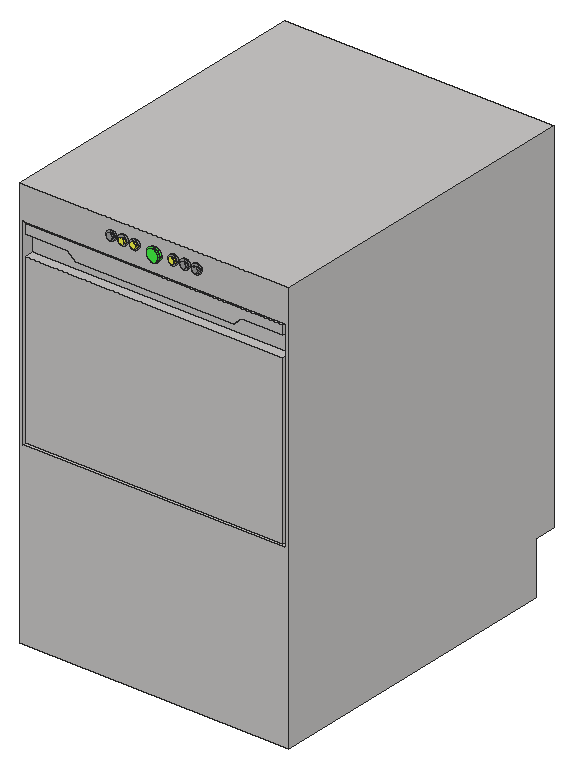
Revit family "QF_ELECTROLUXPROFESSIONAL_402215_ESIC", category Specialty Equipment, Revit 2018
Family settings
  Round Connector Dimension = Use Diameter
  Part Type = Normal
  Work Plane-Based = No
  Always vertical = Yes
  Cut with Voids When Loaded = No
  Shared = No
  Room Calculation Point = No
Parameters
  Weight = 37.00 kg
  Watts = 0 W
  Volts = 0 V
  URL Manufacturer = ""
  URL = "http://professional.electrolux.com/"
  Steam Supply Size = 0 mm
  Steam Supply Minimum Pressure = 0.0 Pa
  Steam Supply Maximum Pressure = 0.0 Pa
  Steam Pounds per Hour = 0
  Show Logo [instance] = yes
  Show Clearance [instance] = yes
  Refrigeration Suction Line Size = 0 mm
  Refrigeration Liquid Line Size = 0 mm
  Refrigerant Compressor Remote = yes
  Manufacturer = ""
  Phase = 0
  Model = ""
  Length Actual = 460 mm  # constant formula
  Item Number = ""
  Hot Water Size = 0 mm
  Height Actual = 715 mm  # constant formula
  HP = "4.4 HP"
  Gas Size = 0 mm
  Gas KW = 0
  Gas Input Pressure = 0 W
  Direct Waste Size = 22 mm
  Description = ""
  Depth Actual = 565 mm  # constant formula
  Cycle = 0 Hz
  Condensate Return Size = 0 mm
  Compressed Air Volume = 0.0 L/s
  Compressed Air Size = 0 mm
  Compressed Air Pressure = 0.0 Pa
  Cold Water Size = 0 mm
  Accessory = yes
Types (2, lengths in mm): name | Volts | URL Manufacturer | URL | Manufacturer | Phase | Model | Item Number | Description | Cycle | Cold Water Size
  (no name) | 0 V | "" | "http://professional.electrolux.com/" | "" | 0 | "" | "" | "" | 0 Hz | 0
  Standard | 200 V | "http://professional.electrolux.com" | "http://professional.electrolux.com" | "Electrolux Professional" | 1 | "ESIC" | "402215" | "GLASSWASHER(S) DOUBLE SKIN, COLD RINSE, 30B/H" | 50 Hz | 19.05
Reference planes
  plane 1 "Center (Front/Back)": y = 0
  plane 2: z = 0
  plane 3 "Center (Left/Right)": x = 0
  plane 4 "LEFT": x = -230
  plane 5 "RIGHT": x = 230
  plane 6 "FRONT": y = -282.5
  plane 7 "BACK": y = 282.5
  plane 8: x = -202.5
  plane 9: x = 202.5
  plane 10: z = 715
  plane 11: z = 10
Forms (mm)
  Extrusion 1, solid, material "QF_Finishes_Stainless Steel"
    sketch origin (0, 0, 0) x (1, 0, 0) y (0, 1, 0)
      loop
        line (-230, -282.5) -> (230, -282.5) -> (230, 243.5) -> (-230, 243.5) -> (-230, -282.5)
    from 10 to 715
  Extrusion 2, solid, material "QF_Finishes_Stainless Steel"
    sketch origin (0, 0, 0) x (1, 0, 0) y (0, 1, 0)
      loop
        line (-230, 243.5) -> (230, 243.5) -> (230, 282.5) -> (-230, 282.5) -> (-230, 243.5)
    from 100 to 715
  Extrusion 3, solid, material "QF_Finishes_Stainless Steel"
    sketch origin (0, 0, 0) x (1, 0, 0) y (0, 1, 0)
      loop
        circle (-202.5, 184.5) r 12.5
      loop
        circle (202.5, 184.5) r 12.5
      loop
        circle (-202.5, -235.5) r 12.5
      loop
        circle (202.5, -235.5) r 12.5
    from 0 to 10
  Extrusion 4, void
    sketch origin (-230, -282.5, 0) x (-1, 0, 0) y (0, 0, 1)
      loop
        line (-5, 658.217) -> (-455, 658.217) -> (-455, 315) -> (-5, 315) -> (-5, 658.217)
    from 0 to 30
  Extrusion 5, solid, material "QF_Finishes_Stainless Steel"
    sketch origin (-288, -392, 738) x (0, 0, -1) y (1, 0, 0)
      loop
        circle (693, 213) r 10
    from -635.5 to -674.5
  Extrusion 6, solid, material "QF_Door-Drawer Clearances", visible <- "Show Clearance", detail levels coarse
    sketch origin (-230, -282.5, 0) x (0, 1, 0) y (0, 0, -1)
      loop
        line (0, -315) -> (-315, -315)
        arc (-315, -315) -> (-223.2, -545.869) -> (0, -655) r 344.605
        line (0, -655) -> (0, -315)
    from -10 to -450
  Extrusion 7, solid, material "QF_Finishes_Stainless Steel"
    sketch origin (-242.481, -392, 738) x (0, 0, -1) y (1, 0, 0)
      loop
        circle (663, 322.481) r 8
    from -635.5 to -674.5
  Extrusion 8, solid, material "QF_Finishes_Green"
    sketch origin (234, -282.5, -28.75) x (-1, 0, 0) y (0, 0, -1)
      loop
        circle (234, -714.569) r 10
    from 0 to 5
  Extrusion 9, solid, material "QF_Finishes_Gray"
    sketch origin (234, -282.5, -24.375) x (-1, 0, 0) y (0, 0, -1)
      loop
        circle (306.936, -713.972) r 5
    from 0 to 5
  Extrusion 10, solid, material "QF_Finishes_Stainless Steel"
    sketch origin (-230, -282.5, 0) x (0, 1, 0) y (0, 0, -1)
      loop
        line (0, -319.622) -> (0, -605) -> (15, -605) -> (15, -655) -> (25, -655) -> (25, -319.622) -> (0, -319.622)
    from -10 to -450
  Extrusion 11, solid, material "QF_Finishes_Stainless Steel"
    sketch origin (-230, -282.5, 0) x (0, 1, 0) y (0, 0, -1)
      loop
        line (15, -655) -> (15, -652.514) -> (2.5, -652.514) -> (2.5, -626.25) -> (0, -626.25) -> (0, -655) -> (15, -655)
    from -10 to -450
  Extrusion 12, void
    sketch origin (-230, -282.5, 655) x (0, 0, 1) y (1, 0, 0)
      loop
        line (-15.552, 10) -> (-15.552, 81.607) -> (-28.75, 94.804) -> (-28.75, 10) -> (-15.552, 10)
      loop
        line (-15.552, 450) -> (-28.75, 450) -> (-28.75, 365.196) -> (-15.552, 378.393) -> (-15.552, 450)
    from 0 to 2.5
  Extrusion 13, solid, material "QF_Finishes_Stainless Steel"
    sketch origin (-328, -392, 738) x (0, 0, -1) y (1, 0, 0)
      loop
        circle (663, 228) r 8
    from -635.5 to -674.5
  Extrusion 14, solid, material "QF_Finishes_Green"
    sketch origin (-230, -282.5, 0) x (1, 0, 0) y (0, 0, 1)
      loop
        circle (230, 685.819) r 12
      loop
        circle (230, 685.819) r 10
    from 0 to 2.5
  Extrusion 15, solid, material "QF_Finishes_Gray"
    sketch origin (-210, -282.5, -28.75) x (1, 0, 0) y (0, 0, 1)
      loop
        circle (262.936, 718.347) r 8
      loop
        circle (262.936, 718.347) r 5
      loop
        circle (242.936, 718.347) r 8
      loop
        circle (242.936, 718.347) r 5
      loop
        circle (282.936, 718.347) r 8
      loop
        circle (282.936, 718.347) r 5
    from 0 to 2.5
  Extrusion 16, solid, material "QF_Finishes_Gray"
    sketch origin (-234, -282.5, -24.375) x (1, 0, 0) y (0, 0, 1)
      loop
        circle (286.936, 713.972) r 5
      loop
        circle (306.936, 713.972) r 5
    from 0 to 5
  Extrusion 17, solid, material "QF_Finishes_Gray"
    sketch origin (210, -282.5, -28.75) x (-1, 0, 0) y (0, 0, -1)
      loop
        circle (262.936, -718.347) r 8
      loop
        circle (262.936, -718.347) r 5
      loop
        circle (242.936, -718.347) r 8
      loop
        circle (242.936, -718.347) r 5
      loop
        circle (282.936, -718.347) r 8
      loop
        circle (282.936, -718.347) r 5
    from 0 to 2.5
  Extrusion 18, solid, material "QF_Finishes_Yellow"
    sketch origin (254, -282.5, -24.375) x (-1, 0, 0) y (0, 0, -1)
      loop
        circle (306.936, -713.972) r 5
    from 0 to 5
  Extrusion 19, solid, material "QF_Finishes_Yellow"
    sketch origin (274, -282.5, -24.375) x (-1, 0, 0) y (0, 0, -1)
      loop
        circle (306.936, -713.972) r 5
    from 0 to 5
  Extrusion 20, solid, material "QF_Finishes_Yellow"
    sketch origin (339.871, -282.5, -24.375) x (-1, 0, 0) y (0, 0, -1)
      loop
        circle (306.936, -713.972) r 5
    from 0 to 5
Cuts and joins
  Extrusion 4 cuts Extrusion 1
  joined: Extrusion 1, Extrusion 2
  Extrusion 12 cuts Extrusion 10
  Extrusion 12 cuts Extrusion 11
Lines and regions (mm)
  Split face 1
    outline origin (-230, -282.5, 715) x (0, 0, -1) y (1, 0, 0)
      loop
        line (35, 0) -> (35, 60) -> (49.142, 74.142) -> (49.142, 214.142) -> (11.456, 214.142)
        arc (11.456, 214.142) -> (9.82, 214.82) -> (9.142, 216.456) r 2.314
        line (9.142, 216.456) -> (9.142, 230) -> (9.142, 243.544)
        arc (9.142, 243.544) -> (9.82, 245.18) -> (11.456, 245.858) r 2.314
        line (11.456, 245.858) -> (49.142, 245.858) -> (49.142, 385.858) -> (35, 400) -> (35, 460)
      loop
        line (56.783, 5) -> (56.783, 0)
      loop
        line (56.783, 455) -> (56.783, 460)
  symbolic lines
    curve 1: line (-230, 282.5, 0) -> (230, 282.5, 0)
    curve 2: line (-230, -282.5, 0) -> (-230, 282.5, 0)
    curve 3: line (230, -282.5, 0) -> (-230, -282.5, 0)
    curve 4: line (230, 282.5, 0) -> (230, -282.5, 0)
    curve 9: line (-80.94, -285, 0) -> (-80.94, -282.5, 0)
    curve 10: line (-64.948, -285, 0) -> (-64.948, -282.5, 0)
    curve 11: line (-77.926, -287.5, 0) -> (-67.936, -287.5, 0)
    curve 12: line (-67.936, -287.5, 0) -> (-67.936, -285, 0)
    curve 13: line (-77.926, -287.5, 0) -> (-77.926, -285, 0)
    curve 14: line (-60.936, -285, 0) -> (-44.936, -285, 0)
    curve 15: line (-44.936, -285, 0) -> (-44.936, -282.5, 0)
    curve 16: line (-60.936, -285, 0) -> (-60.936, -282.5, 0)
    curve 17: line (-57.936, -287.5, 0) -> (-47.936, -287.5, 0)
    curve 18: line (-47.936, -287.5, 0) -> (-47.936, -285, 0)
    curve 19: line (-57.936, -287.5, 0) -> (-57.936, -285, 0)
    curve 20: line (-40.936, -285, 0) -> (-24.936, -285, 0)
    curve 21: line (-24.936, -285, 0) -> (-24.936, -282.5, 0)
    curve 22: line (-40.936, -285, 0) -> (-40.936, -282.5, 0)
    curve 23: line (-37.936, -287.5, 0) -> (-27.936, -287.5, 0)
    curve 24: line (-27.936, -287.5, 0) -> (-27.936, -285, 0)
    curve 25: line (-37.936, -287.5, 0) -> (-37.936, -285, 0)
    curve 26: line (24.936, -285, 0) -> (40.936, -285, 0)
    curve 27: line (40.936, -285, 0) -> (40.936, -282.5, 0)
    curve 28: line (27.936, -287.5, 0) -> (37.936, -287.5, 0)
    curve 29: line (37.936, -287.5, 0) -> (37.936, -285, 0)
    curve 30: line (27.936, -287.5, 0) -> (27.936, -285, 0)
    curve 31: line (24.936, -285, 0) -> (24.936, -282.5, 0)
    curve 32: line (-12, -285, 0) -> (12, -285, 0)
    curve 33: line (12, -285, 0) -> (12, -282.5, 0)
    curve 34: line (-12, -285, 0) -> (-12, -282.5, 0)
    curve 35: line (-10, -287.5, 0) -> (10, -287.5, 0)
    curve 36: line (10, -287.5, 0) -> (10, -285, 0)
    curve 37: line (-10, -287.5, 0) -> (-10, -285, 0)
    curve 39: line (44.936, -285, 0) -> (60.936, -285, 0)
    curve 40: line (60.936, -285, 0) -> (60.936, -282.5, 0)
    curve 41: line (47.936, -287.5, 0) -> (57.936, -287.5, 0)
    curve 42: line (57.936, -287.5, 0) -> (57.936, -285, 0)
    curve 43: line (47.936, -287.5, 0) -> (47.936, -285, 0)
    curve 44: line (44.936, -285, 0) -> (44.936, -282.5, 0)
    curve 45: line (64.936, -285, 0) -> (80.936, -285, 0)
    curve 46: line (80.936, -285, 0) -> (80.936, -282.5, 0)
    curve 47: line (67.936, -287.5, 0) -> (77.936, -287.5, 0)
    curve 48: line (77.936, -287.5, 0) -> (77.936, -285, 0)
    curve 49: line (67.936, -287.5, 0) -> (67.936, -285, 0)
    curve 50: line (64.936, -285, 0) -> (64.936, -282.5, 0)
  symbolic lines, style "QF_Door-Drawer Clearances"
    curve 5: line (-220, -597.5, 0) -> (220, -597.5, 0)
    curve 6: line (220, -597.5, 0) -> (220, -282.5, 0)
    curve 7: line (-220, -597.5, 0) -> (-220, -282.5, 0)
  symbolic lines, style "SpecialityEquipment"
    curve 8: line (-80.94, -285, 0) -> (-64.948, -285, 0)
  symbolic lines, style "SpecialityEquipmentHiddenLines"
    curve 38: line (-230, 243.5, 0) -> (230, 243.5, 0)
Dimensions and locks
  equal spacing: plane 4 "LEFT", plane 3 "Center (Left/Right)", plane 5 "RIGHT"
  equal spacing: plane 7 "BACK", plane 1 "Center (Front/Back)", plane 6 "FRONT"
  plane 7 "BACK" to plane 6 "FRONT" = 565 mm
  plane 4 "LEFT" to plane 5 "RIGHT" = 460 mm
  plane 4 "LEFT" to plane 8 = 27.5 mm
  plane 9 to plane 5 "RIGHT" = 27.5 mm
  locked: plane 11 to level at 10
  plane 4 "LEFT" to plane 3 "Center (Left/Right)" = 230 mm
  plane 10 to level = 715 mm  (x2)
  plane 8 to plane 9 = 405 mm
  level to Extrusion 13 sketch curve = 75 mm
  Extrusion 13 sketch curve to plane 4 "LEFT" = 130 mm
  level to Extrusion 5 sketch curve = 45 mm
  Extrusion 5 sketch curve to plane 4 "LEFT" = 155 mm
  Extrusion 7 sketch curve to plane 4 "LEFT" = 310 mm
  level to Extrusion 7 sketch curve = 75 mm
  locked: Extrusion 3 to cut or joined group of Extrusion 1, Extrusion 2, Extrusion 4 at 98
  Extrusion 3 to Extrusion 3 = 420 mm
  locked: plane 6 "FRONT" to Extrusion 3 at 47
  plane 9 to plane 8 = 405 mm
  plane 7 "BACK" to curve 5 = 880 mm
  cut or joined group of Extrusion 10, Extrusion 12 to cut or joined group of Extrusion 1, Extrusion 2, Extrusion 4 = 290 mm
  aligned and locked: level to plane 2
  aligned and locked: Extrusion 1 sketch curve to plane 6 "FRONT"
  aligned and locked: Extrusion 1 sketch curve to plane 4 "LEFT"
  aligned and locked: plane 5 "RIGHT" to Extrusion 1 sketch curve
  aligned and locked: Extrusion 1 to plane 11
  aligned and locked: Extrusion 2 sketch curve to Extrusion 1  (x2)
  aligned and locked: plane 7 "BACK" to Extrusion 2 sketch curve
  aligned and locked: plane 5 "RIGHT" to Extrusion 2 sketch curve
  aligned and locked: plane 11 to Extrusion 3
  aligned and locked: Extrusion 2 to Extrusion 5
  aligned and locked: Extrusion 2 to Extrusion 7
  aligned and locked: plane 7 "BACK" to Extrusion 7
  aligned and locked: plane 7 "BACK" to Extrusion 5
  aligned and locked: cut or joined group of Extrusion 11, Extrusion 12 to Extrusion 12
  aligned and locked: plane 10 to Extrusion 2
Automatic sketch dimensions
  curve 1 to plane 4 "LEFT" = 0 mm
  curve 7 to plane 6 "FRONT" = 0 mm
  curve 4 to plane 5 "RIGHT" = 0 mm
  curve 2 to plane 7 "BACK" = 0 mm
  plane 4 "LEFT" to curve 5 = 10 mm
  curve 8 to plane 6 "FRONT" = 2.5 mm
  curve 8 to plane 3 "Center (Left/Right)" = 80.94 mm
  curve 8 to curve 11 = 3.013 mm
  curve 11 to curve 11 = 9.991 mm
  curve 12 to curve 10 = 2.987 mm
  curve 8 to curve 16 = 4.013 mm
  curve 14 to curve 19 = 3 mm
  curve 17 to plane 6 "FRONT" = 5 mm
  curve 17 to curve 17 = 10 mm
  curve 18 to curve 14 = 3 mm
  curve 14 to curve 20 = 4 mm
  curve 20 to curve 25 = 3 mm
  curve 24 to plane 6 "FRONT" = 5 mm
  curve 23 to curve 24 = 10 mm
  curve 24 to curve 21 = 3 mm
  curve 34 to plane 6 "FRONT" = 2.5 mm
  curve 34 to plane 3 "Center (Left/Right)" = 12 mm
  curve 32 to curve 37 = 2 mm
  plane 3 "Center (Left/Right)" to curve 36 = 10 mm
  curve 36 to curve 33 = 2 mm
  curve 26 to plane 6 "FRONT" = 2.5 mm
  curve 32 to curve 26 = 12.936 mm
  curve 26 to curve 30 = 3 mm
  curve 28 to plane 6 "FRONT" = 5 mm
  curve 28 to curve 28 = 10 mm
  curve 29 to curve 27 = 3 mm
  curve 26 to curve 44 = 4 mm
  curve 39 to curve 43 = 3 mm
  curve 41 to plane 6 "FRONT" = 5 mm
  curve 41 to curve 41 = 10 mm
  curve 42 to curve 39 = 3 mm
  curve 39 to curve 50 = 4 mm
  curve 45 to curve 47 = 3 mm
  curve 47 to plane 6 "FRONT" = 5 mm
  curve 47 to curve 47 = 10 mm
  curve 48 to curve 45 = 3 mm
  curve 6 to plane 5 "RIGHT" = 10 mm
  curve 35 to curve 36 = 2.5 mm
  curve 11 to curve 13 = 2.5 mm
  curve 15 to plane 6 "FRONT" = 2.5 mm
  curve 20 to plane 6 "FRONT" = 2.5 mm
  curve 40 to plane 6 "FRONT" = 2.5 mm
  curve 45 to plane 6 "FRONT" = 2.5 mm
  curve 38 to plane 7 "BACK" = 39 mm
  Extrusion 1 sketch curve to plane 7 "BACK" = 39 mm
  Extrusion 3 sketch curve to plane 8 = 0 mm  (x2)
  Extrusion 3 sketch curve to plane 9 = 0 mm  (x2)
  plane 6 "FRONT" to Extrusion 3 sketch curve = 47 mm  (x2)
  Extrusion 3 sketch curve to plane 7 "BACK" = 98 mm  (x2)
  Extrusion 4 sketch curve to Extrusion 1 = 5 mm  (x2)
  Extrusion 4 sketch curve to Extrusion 1 = 305 mm
  Extrusion 4 sketch curve to Extrusion 1 = 56.783 mm
  Extrusion 6 sketch curve to plane 6 "FRONT" = 0 mm
  Extrusion 6 sketch curve to plane 6 "FRONT" = 315 mm
  plane 6 "FRONT" to Extrusion 6 sketch curve = 29.589 mm
  Extrusion 6 sketch curve to plane 10 = 60 mm
  plane 11 to Extrusion 6 sketch curve = 305 mm
  Extrusion 8 sketch curve to Extrusion 8 sketch curve = 0 mm  (x2)
  Extrusion 8 sketch curve to plane 3 "Center (Left/Right)" = 0 mm
  Extrusion 8 sketch curve to plane 10 = 29.181 mm
  plane 3 "Center (Left/Right)" to Extrusion 8 sketch curve = 10 mm
  Extrusion 9 sketch curve to Extrusion 9 sketch curve = 0 mm  (x2)
  Extrusion 9 sketch curve to plane 10 = 25.403 mm
  Extrusion 9 sketch curve to plane 3 "Center (Left/Right)" = 72.936 mm
  Extrusion 9 sketch curve to Extrusion 9 sketch curve = 5 mm
  Extrusion 10 sketch curve to plane 6 "FRONT" = 0 mm
  plane 6 "FRONT" to Extrusion 10 sketch curve = 15 mm
  Extrusion 10 sketch curve to Extrusion 10 sketch curve = 25 mm
  Extrusion 10 sketch curve to plane 10 = 60 mm
  Extrusion 10 sketch curve to Extrusion 10 sketch curve = 50 mm
  Extrusion 10 sketch curve to Extrusion 10 sketch curve = 285.378 mm
  Extrusion 11 sketch curve to plane 6 "FRONT" = 0 mm
  Extrusion 11 sketch curve to Extrusion 11 sketch curve = 2.5 mm
  Extrusion 11 sketch curve to Extrusion 11 sketch curve = 12.5 mm
  Extrusion 11 sketch curve to plane 10 = 60 mm
  Extrusion 11 sketch curve to Extrusion 11 sketch curve = 2.486 mm
  Extrusion 11 sketch curve to Extrusion 11 sketch curve = 26.264 mm
  Extrusion 12 sketch curve to Extrusion 11 = 0 mm  (x3)
  Extrusion 11 to Extrusion 12 sketch curve = 0 mm
  Extrusion 12 sketch curve to Extrusion 11 = 13.198 mm  (x2)
  Extrusion 12 sketch curve to Extrusion 11 = 71.607 mm
  Extrusion 12 sketch curve to Extrusion 12 sketch curve = 13.198 mm  (x2)
  Extrusion 12 sketch curve to Extrusion 11 = 84.804 mm
  Extrusion 14 sketch curve to Extrusion 14 sketch curve = 0 mm  (x2)
  Extrusion 1 to Extrusion 14 sketch curve = 29.181 mm
  Extrusion 1 to Extrusion 14 sketch curve = 230 mm
  Extrusion 15 sketch curve to Extrusion 15 sketch curve = 0 mm  (x8)
  plane 3 "Center (Left/Right)" to Extrusion 15 sketch curve = 32.936 mm
  Extrusion 15 sketch curve to Extrusion 15 sketch curve = 20 mm  (x2)
  Extrusion 15 sketch curve to plane 10 = 25.403 mm
  Extrusion 16 sketch curve to Extrusion 16 sketch curve = 0 mm  (x5)
  Extrusion 16 sketch curve to plane 10 = 25.403 mm
  plane 3 "Center (Left/Right)" to Extrusion 16 sketch curve = 52.936 mm
  Extrusion 16 sketch curve to Extrusion 16 sketch curve = 20 mm
  Extrusion 16 sketch curve to Extrusion 16 sketch curve = 5 mm  (x2)
  Split face 1 sketch curve to cut or joined group of Extrusion 1, Extrusion 2, Extrusion 4 = 0 mm  (x6)
  cut or joined group of Extrusion 1, Extrusion 2, Extrusion 4 to Split face 1 sketch curve = 0 mm  (x2)
  cut or joined group of Extrusion 1, Extrusion 2, Extrusion 4 to Split face 1 sketch curve = 7.641 mm  (x2)
  Split face 1 sketch curve to Split face 1 sketch curve = 14.142 mm  (x4)
  Split face 1 sketch curve to cut or joined group of Extrusion 1, Extrusion 2, Extrusion 4 = 11.456 mm  (x2)
  Split face 1 sketch curve to cut or joined group of Extrusion 1, Extrusion 2, Extrusion 4 = 9.142 mm
  Split face 1 sketch curve to cut or joined group of Extrusion 1, Extrusion 2, Extrusion 4 = 55 mm
  Split face 1 sketch curve to Split face 1 sketch curve = 140 mm
  Split face 1 sketch curve to Split face 1 sketch curve = 13.544 mm  (x2)
  Split face 1 sketch curve to cut or joined group of Extrusion 1, Extrusion 2, Extrusion 4 = 69.142 mm
  Extrusion 17 sketch curve to Extrusion 17 sketch curve = 0 mm  (x8)
  Extrusion 17 sketch curve to plane 3 "Center (Left/Right)" = 32.936 mm
  Extrusion 17 sketch curve to Extrusion 17 sketch curve = 20 mm  (x2)
  Extrusion 17 sketch curve to plane 10 = 25.403 mm
  Extrusion 18 sketch curve to Extrusion 18 sketch curve = 0 mm  (x2)
  Extrusion 18 sketch curve to plane 10 = 25.403 mm
  Extrusion 18 sketch curve to plane 3 "Center (Left/Right)" = 52.936 mm
  Extrusion 18 sketch curve to Extrusion 18 sketch curve = 5 mm
  Extrusion 19 sketch curve to Extrusion 19 sketch curve = 0 mm  (x2)
  Extrusion 19 sketch curve to plane 3 "Center (Left/Right)" = 32.936 mm
  Extrusion 19 sketch curve to plane 10 = 25.403 mm
  Extrusion 19 sketch curve to Extrusion 19 sketch curve = 5 mm
  Extrusion 20 sketch curve to Extrusion 20 sketch curve = 0 mm  (x2)
  plane 3 "Center (Left/Right)" to Extrusion 20 sketch curve = 32.936 mm
  Extrusion 20 sketch curve to plane 10 = 25.403 mm
  Extrusion 20 sketch curve to Extrusion 20 sketch curve = 5 mm
  radius of Extrusion 5 sketch curve = 10 mm
  radius of Extrusion 7 sketch curve = 8 mm
  radius of Extrusion 13 sketch curve = 8 mm
  radius of Extrusion 3 sketch curve = 12.5 mm  (x4)
  radius of Extrusion 14 sketch curve = 12 mm
  radius of Extrusion 14 sketch curve = 10 mm
  radius of Extrusion 15 sketch curve = 8 mm  (x3)
  radius of Extrusion 15 sketch curve = 5 mm  (x3)
  radius of Extrusion 17 sketch curve = 8 mm  (x3)
  radius of Extrusion 17 sketch curve = 5 mm  (x3)
Connectors
  piping at (-75, 282.5, 45), diameter 20
    settings: on Extrusion 5, index 1, connector inside diameter 609.6 mm, connector length 0 mm, flow factor 0, pipe flow 0.0 L/s, pressure drop 0.0 Pa, fitting loss kfactor 0, connector angle 0.00°, fixture units 0, engagement length 0 mm, angle of deflection 0.00°, flow configuration 1, flow direction 1, fitting loss method 0, system type 16, joint type 0, gender type 0, connector reference index -1, connector utility 0, adjustable connector no, is connector primary yes, connector description "Drain"
  piping at (80, 282.5, 75), driven by "Cold Water Size"
    settings: on Extrusion 7, index 3, connector diameter 0 mm, connector inside diameter 609.6 mm, connector length 0 mm, flow factor 0, pipe flow 0.0 L/s, pressure drop 0.0 Pa, fitting loss kfactor 0, connector angle 0.00°, fixture units 0, engagement length 0 mm, angle of deflection 0.00°, flow configuration 1, flow direction 1, fitting loss method 0, system type 20, joint type 0, gender type 0, connector reference index -1, connector utility 0, adjustable connector no, is connector primary no, connector description "Cold Water Inlet"
  electrical at (-100, 282.5, 75), driven by "Volts"
    settings: on Extrusion 13, index 4, voltage 0 V, apparent load 0 VA, apparent load phase1 0 VA, apparent load phase2 0 VA, apparent load phase3 0 VA, power factor 1, load classification "Altro", number of poles 1, system type 31, power factor state 1, is connector primary yes, connector utility no, sub classification motor no, connector description "Electrical Connection"
